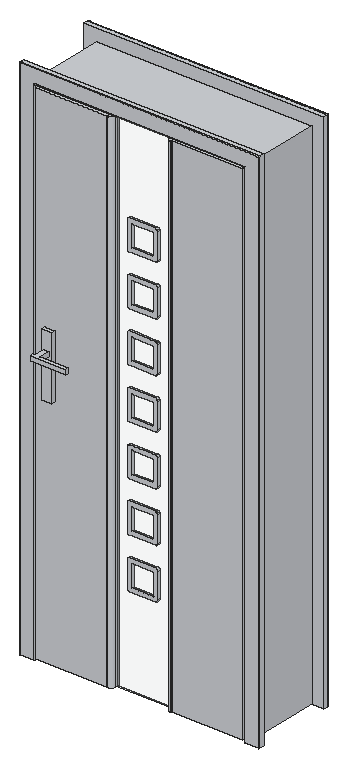
Revit family "PortaFOCUSbp_2_kwadraciki", category Drzwi, Revit 2016
Family settings
  Obiekt nadrzędny = Ściana
  Zawsze pionowo = Tak
  Tnij formami wycięć po wczytaniu = Nie
  Współdzielony = Nie
  Punkt obliczania pomieszczeń = Nie
Parameters (values of type "PN 80")
  Zakres szerokości muru [instance] = if(and(Szerokość ściany > 94 mm, Szerokość ściany < 120 mm), "B", (if(and(Szerokość ściany > 119 mm, Szerokość ściany < 140 mm), "C", (if(and(Szerokość ściany > 139 mm, Szerokość ściany < 160 mm), "D", (if(and(Szerokość ściany > 159 mm, Szerokość ściany < 180 mm), "E", (if(and(Szerokość ściany > 179 mm, Szerokość ściany < 200 mm), "F", (if(and(Szerokość ściany > 199 mm, Szerokość ściany < 220 mm), "G", (if(and(Szerokość ściany > 219 mm, Szerokość ściany < 240 mm), "H", (if(and(Szerokość ściany > 239 mm, Szerokość ściany < 260 mm), "I", (if(and(Szerokość ściany > 259 mm, Szerokość ściany < 280 mm), "J", (if(and(Szerokość ściany > 279 mm, Szerokość ściany < 301 mm), "K", "BRAK")))))))))))))))))))  # "K"
  Wysokość brutto = 2060 mm
  Szerokość ściany [instance] = 300 mm
  Szerokość brutto = 880 mm
  Model = "Porta Focus 2 kwadraciki"
  Materiał_wzór = none
  Materiał_szyba = Szkło
  Konstrukcja analityczna = "<Brak>"
  Funkcja = Wewnętrzna
  URL = "www.porta.com.pl"
  Ss = 818 mm
  Sb = 846 mm
  Producent = "PORTA KMI POLAND"
  Keynote = ""
  Opis = "Własność Porta KMI Poland, wszelkie prawa zastrzeżone."  # constant formula
  Wysokość = 2016 mm
  Zakończenie ściany = Wg obiektu nadrzędnego
  Szerokość = 800 mm
  Materiał_skrzydło [instance] = none
  Materiał_ościeżnica [instance] = none
  Materiał_klamka [instance] = none
  Hs = 2017 mm
Types (5, lengths in mm): name | Szerokość brutto | Materiał_szyba | Ss | Sb | Szerokość
  PN 70 | 780 | none | 718 | 746 | 700
  PN 60 | 680 | none | 618 | 646 | 600
  PN 80 | 880 | Szkło | 818 | 846 | 800
  PN 90 | 980 | none | 918 | 946 | 900
  PN 100 | 1080 | none | 1018 | 1046 | 1000
Reference planes
  plane 1: y = 0
  plane 2 "Środek (Lewa/Prawa)": x = 0
  plane 3 "Lewy": x = -440
  plane 4 "Prawy": x = 440
  plane 5: z = 2060
  plane 6 "Zewnętrzna": y = 150
  plane 7 "Wewnętrzna": y = -150
  plane 8 "skrzydło": y = -129
Forms (mm)
  Sweep 1, solid, material <- "Materiał_ościeżnica"
    path in 3D
      loop
        line (-440, -150, 0) -> (-440, -150, 2060) -> (440, -150, 2060) -> (440, -150, 0)
    profile origin (-440, -150, 1030) x (0, -1, 0) y (1, 0, 0)
      loop
        line (-24, 39) -> (-72, 39) -> (-72, 17) -> (0, 17) -> (0, -33) -> (16, -33)
        arc (16, -33) -> (18.121, -32.121) -> (19, -30) r 3
        line (19, -30) -> (19, 24)
        arc (19, 24) -> (18.121, 26.121) -> (16, 27) r 3
        line (16, 27) -> (-24, 27) -> (-24, 39)
  Sweep 2, solid, material <- "Materiał_ościeżnica"
    path in 3D
      loop
        line (440, 150, 0) -> (440, 150, 2060) -> (-440, 150, 2060) -> (-440, 150, 0)
    profile origin (-440, 150, 1030) x (1, 0, 0) y (0, 1, 0)
      loop
        line (-33, 0) -> (17, 0) -> (17, -228) -> (39, -228) -> (39, -1)
        arc (39, -1) -> (37.536, 2.536) -> (34, 4) r 5
        line (34, 4) -> (25, 4) -> (25, 16)
        arc (25, 16) -> (24.121, 18.121) -> (22, 19) r 3
        line (22, 19) -> (-30, 19)
        arc (-30, 19) -> (-32.121, 18.121) -> (-33, 16) r 3
        line (-33, 16) -> (-33, 0)
  Sweep 3, solid, not visible
    path in 3D
      loop
        line (-440, -150, 0) -> (-440, -150, 2060)
    profile origin (-440, -150, 1030) x (0, -1, 0) y (1, 0, 0)
      loop
        line (-151, 17) -> (-149, 17) -> (-149, 19) -> (-151, 19) -> (-151, 17)
Cuts and joins
  joined: Sweep 1, Sweep 2
Lines and regions (mm)
  Opening 1
    outline origin (-3050, -150, 0) x (1, 0, 0) y (0, 0, 1)
      loop
        line (2610, 0) -> (3490, 0) -> (3490, 2060) -> (2610, 2060) -> (2610, 0)
  sketch lines
    curve 1: line (-440, -150, 0) -> (-440, -150, 2060)
    curve 2: line (-440, -150, 2060) -> (440, -150, 2060)
    curve 3: line (440, -150, 2060) -> (440, -150, 0)
    curve 4: line (-440, 150, 2060) -> (-440, 150, 0)
    curve 5: line (440, 150, 2060) -> (-440, 150, 2060)
    curve 6: line (440, 150, 0) -> (440, 150, 2060)
    curve 12: line (-440, -150, 0) -> (-440, -150, 2060)
  symbolic lines, style "DoorsPanelProjection"
    curve 7: line (409, -150, 0) -> (409, -968, 0)
    curve 8: line (409, -968, 0) -> (369, -968, 0)
    curve 9: line (369, -968, 0) -> (369, -150, 0)
    curve 10: line (369, -150, 0) -> (409, -150, 0)
  symbolic lines, style "Ugięcie rzutu"
    curve 11: arc (-409, -150, 0) -> (-169.413, -728.413, 0) -> (409, -968, 0) r 818
Text (mm)
  text "Zewnętrzna" at (-2295.016, 1099.543, 0), in view "Poziom odniesienia"
  text "Zewnętrzna" at (0, 1615.38, 3698.081), in view "Lewy"
  text "Zewnętrzna" at (0, 1036.032, 3874.932), in view "Prawy"
Dimensions and locks
  equal spacing: plane 3 "Lewy", plane 2 "Środek (Lewa/Prawa)", plane 4 "Prawy"
  "Szerokość brutto": plane 3 "Lewy" to plane 4 "Prawy"
  "Wysokość brutto": plane 5 to host wall
  host wall to plane 5 = 2060 mm  (x2)
  locked: plane 6 "Zewnętrzna" to host wall at 0
  locked: plane 7 "Wewnętrzna" to host wall
  "Sb": Sweep 1 to Sweep 1
  locked: Sweep 1 sketch curve to Sweep 1 sketch curve at 22
  Sweep 1 sketch curve to Sweep 1 sketch curve = 50 mm
  locked: Sweep 1 sketch curve to profile plane at 72
  locked: Sweep 2 sketch curve to Sweep 2 sketch curve at 50
  locked: Sweep 2 sketch curve to Sweep 2 sketch curve at 22
  locked: Sweep 2 sketch curve to plane 6 "Zewnętrzna" at 1
  locked: curve 9 to curve 7 at 40
  "Ss": curve 8 to curve 10
  equal spacing: curve 11, plane 2 "Środek (Lewa/Prawa)", curve 7
  locked: plane 7 "Wewnętrzna" to plane 8 "skrzydło" at 21
  locked: host wall to Sweep 3 sketch curve at 1
  locked: Sweep 3 sketch curve to host wall at 1
  locked: Sweep 3 sketch curve to plane 6 "Zewnętrzna" at 151
  locked: plane 7 "Wewnętrzna" to Sweep 3 sketch curve at 151
  nested 1 to plane 2 "Środek (Lewa/Prawa)" to nested 1 = 409 mm, 409 mm
  locked: nested 1 to level at 8
  "Szerokość ściany": host wall to host wall
  aligned and locked: plane 3 "Lewy" to Opening 1 sketch curve
  aligned and locked: plane 5 to Opening 1 sketch curve  (x2)
  aligned and locked: Opening 1 sketch curve to plane 4 "Prawy"
  aligned and locked: Opening 1 sketch curve to level
  aligned and locked: plane 1 to host wall
  aligned and locked: Sweep 1 to Sweep 2 sketch curve
  aligned and locked: plane 7 "Wewnętrzna" to curve 10
  aligned and locked: Sweep 3 sketch curve to cut or joined group of Sweep 1, Sweep 2
  aligned and locked: Sweep 2 sketch curve to cut or joined group of Sweep 1, Sweep 2
  aligned and locked: nested 1 to plane 8 "skrzydło"
  aligned and locked: plane 2 "Środek (Lewa/Prawa)" to nested 1
Automatic sketch dimensions
  profile plane to Sweep 1 sketch curve = 24 mm
  Sweep 1 sketch curve to profile plane = 16 mm  (x2)
  Sweep 1 sketch curve to Sweep 1 sketch curve = 3 mm
  profile plane to Sweep 1 sketch curve = 17 mm
  Sweep 1 sketch curve to Sweep 1 sketch curve = 7 mm
  Sweep 1 sketch curve to profile plane = 0 mm
  Sweep 2 sketch curve to profile plane = 0 mm
  Sweep 2 sketch curve to profile plane = 16 mm
  Sweep 2 sketch curve to Sweep 2 sketch curve = 3 mm
  Sweep 2 sketch curve to Sweep 2 sketch curve = 5 mm
  Sweep 2 sketch curve to profile plane = 4 mm
  Sweep 2 sketch curve to Sweep 2 sketch curve = 8 mm
  curve 11 to host wall = 0 mm
  Sweep 3 sketch curve to Sweep 3 sketch curve = 2 mm
Nested families
  nested 1: "skrzydło" at (0, -135.5, 0), type "skrzydło"
Definition of nested family "skrzydło"
  Parameters
    Ss = 818 mm
    Materiał_skrzydło = none
    Materiał_klamka = none
    Materiał wzór = none
    Materiał szyba = none
    Hs = 2017 mm
  Reference planes
    plane 1 "Tył": y = 6.5
    plane 2: z = 0
    plane 3 "Środek (Lewa/Prawa)": x = 0
    plane 4 "Przód": y = -33.5
    plane 5: z = 2025
    plane 6 "Centrum": y = -13.5
    plane 7: z = 8
    plane 8: x = -409
    plane 9: x = 409
    plane 10: x = -105
    plane 11: x = 105
  Forms (mm)
    Extrusion 1, solid, material <- "Materiał_skrzydło"
      sketch origin (-1191.728, -1524, 8) x (-1, 0, 0) y (0, -1, 0)
        loop
          arc (-1063.297, -1490.5) -> (-1063.663, -1489.616) -> (-1064.547, -1489.25) r 1.25
          line (-1064.547, -1489.25) -> (-1066.918, -1489.25)
          arc (-1066.918, -1489.25) -> (-1080.051, -1494.167) -> (-1086.728, -1506.5) r 20
          line (-1086.728, -1506.5) -> (-1086.728, -1514.5)
          arc (-1086.728, -1514.5) -> (-1080.051, -1526.833) -> (-1066.918, -1531.75) r 20
          line (-1066.918, -1531.75) -> (-1064.547, -1531.75)
          arc (-1064.547, -1531.75) -> (-1063.663, -1531.384) -> (-1063.297, -1530.5) r 1.25
          line (-1063.297, -1530.5) -> (-782.728, -1530.5) -> (-782.728, -1490.5) -> (-1063.297, -1490.5)
        loop
          line (-1600.728, -1530.5) -> (-1320.158, -1530.5)
          arc (-1320.158, -1530.5) -> (-1319.792, -1531.384) -> (-1318.908, -1531.75) r 1.25
          line (-1318.908, -1531.75) -> (-1316.538, -1531.75)
          arc (-1316.538, -1531.75) -> (-1303.404, -1526.833) -> (-1296.728, -1514.5) r 20
          line (-1296.728, -1514.5) -> (-1296.728, -1506.5)
          arc (-1296.728, -1506.5) -> (-1303.404, -1494.167) -> (-1316.538, -1489.25) r 20
          line (-1316.538, -1489.25) -> (-1318.908, -1489.25)
          arc (-1318.908, -1489.25) -> (-1319.792, -1489.616) -> (-1320.158, -1490.5) r 1.25
          line (-1320.158, -1490.5) -> (-1600.728, -1490.5) -> (-1600.728, -1530.5)
      from 0 to 2017
    Extrusion 2, solid, material <- "Materiał wzór"
      sketch origin (-892.016, -13.5, 1200) x (-1, 0, 0) y (0, 0, 1)
        loop
          line (-952.016, 473.75) -> (-952.016, 372.25)
          arc (-952.016, 372.25) -> (-949.307, 365.709) -> (-942.766, 363) r 9.25
          line (-942.766, 363) -> (-841.266, 363)
          arc (-841.266, 363) -> (-834.726, 365.709) -> (-832.016, 372.25) r 9.25
          line (-832.016, 372.25) -> (-832.016, 473.75)
          arc (-832.016, 473.75) -> (-834.726, 480.291) -> (-841.266, 483) r 9.25
          line (-841.266, 483) -> (-942.766, 483)
          arc (-942.766, 483) -> (-949.307, 480.291) -> (-952.016, 473.75) r 9.25
        loop
          line (-952.016, 273.75) -> (-952.016, 172.25)
          arc (-952.016, 172.25) -> (-949.307, 165.709) -> (-942.766, 163) r 9.25
          line (-942.766, 163) -> (-841.266, 163)
          arc (-841.266, 163) -> (-834.726, 165.709) -> (-832.016, 172.25) r 9.25
          line (-832.016, 172.25) -> (-832.016, 273.75)
          arc (-832.016, 273.75) -> (-834.726, 280.291) -> (-841.266, 283) r 9.25
          line (-841.266, 283) -> (-942.766, 283)
          arc (-942.766, 283) -> (-949.307, 280.291) -> (-952.016, 273.75) r 9.25
        loop
          line (-952.016, 73.75) -> (-952.016, -27.75)
          arc (-952.016, -27.75) -> (-949.307, -34.291) -> (-942.766, -37) r 9.25
          line (-942.766, -37) -> (-841.266, -37)
          arc (-841.266, -37) -> (-834.726, -34.291) -> (-832.016, -27.75) r 9.25
          line (-832.016, -27.75) -> (-832.016, 73.75)
          arc (-832.016, 73.75) -> (-834.726, 80.291) -> (-841.266, 83) r 9.25
          line (-841.266, 83) -> (-942.766, 83)
          arc (-942.766, 83) -> (-949.307, 80.291) -> (-952.016, 73.75) r 9.25
        loop
          line (-942.766, -237) -> (-841.266, -237)
          arc (-841.266, -237) -> (-834.726, -234.291) -> (-832.016, -227.75) r 9.25
          line (-832.016, -227.75) -> (-832.016, -126.25)
          arc (-832.016, -126.25) -> (-834.726, -119.709) -> (-841.266, -117) r 9.25
          line (-841.266, -117) -> (-942.766, -117)
          arc (-942.766, -117) -> (-949.307, -119.709) -> (-952.016, -126.25) r 9.25
          line (-952.016, -126.25) -> (-952.016, -227.75)
          arc (-952.016, -227.75) -> (-949.307, -234.291) -> (-942.766, -237) r 9.25
        loop
          line (-952.016, -326.25) -> (-952.016, -427.75)
          arc (-952.016, -427.75) -> (-949.307, -434.291) -> (-942.766, -437) r 9.25
          line (-942.766, -437) -> (-841.266, -437)
          arc (-841.266, -437) -> (-834.726, -434.291) -> (-832.016, -427.75) r 9.25
          line (-832.016, -427.75) -> (-832.016, -326.25)
          arc (-832.016, -326.25) -> (-834.726, -319.709) -> (-841.266, -317) r 9.25
          line (-841.266, -317) -> (-942.766, -317)
          arc (-942.766, -317) -> (-949.307, -319.709) -> (-952.016, -326.25) r 9.25
        loop
          line (-952.016, -526.25) -> (-952.016, -627.75)
          arc (-952.016, -627.75) -> (-949.307, -634.291) -> (-942.766, -637) r 9.25
          line (-942.766, -637) -> (-841.266, -637)
          arc (-841.266, -637) -> (-834.726, -634.291) -> (-832.016, -627.75) r 9.25
          line (-832.016, -627.75) -> (-832.016, -526.25)
          arc (-832.016, -526.25) -> (-834.726, -519.709) -> (-841.266, -517) r 9.25
          line (-841.266, -517) -> (-942.766, -517)
          arc (-942.766, -517) -> (-949.307, -519.709) -> (-952.016, -526.25) r 9.25
        loop
          line (-952.016, -726.25) -> (-952.016, -827.75)
          arc (-952.016, -827.75) -> (-949.307, -834.291) -> (-942.766, -837) r 9.25
          line (-942.766, -837) -> (-841.266, -837)
          arc (-841.266, -837) -> (-834.726, -834.291) -> (-832.016, -827.75) r 9.25
          line (-832.016, -827.75) -> (-832.016, -726.25)
          arc (-832.016, -726.25) -> (-834.726, -719.709) -> (-841.266, -717) r 9.25
          line (-841.266, -717) -> (-942.766, -717)
          arc (-942.766, -717) -> (-949.307, -719.709) -> (-952.016, -726.25) r 9.25
        loop
          line (-935.416, 179.6) -> (-848.616, 179.6) -> (-848.616, 266.4) -> (-935.416, 266.4) -> (-935.416, 179.6)
        loop
          line (-935.416, 379.6) -> (-848.616, 379.6) -> (-848.616, 466.4) -> (-935.416, 466.4) -> (-935.416, 379.6)
        loop
          line (-935.416, -220.4) -> (-848.616, -220.4) -> (-848.616, -133.6) -> (-935.416, -133.6) -> (-935.416, -220.4)
        loop
          line (-935.416, -20.4) -> (-848.616, -20.4) -> (-848.616, 66.4) -> (-935.416, 66.4) -> (-935.416, -20.4)
        loop
          line (-935.416, -420.4) -> (-848.616, -420.4) -> (-848.616, -333.6) -> (-935.416, -333.6) -> (-935.416, -420.4)
        loop
          line (-935.416, -620.4) -> (-848.616, -620.4) -> (-848.616, -533.6) -> (-935.416, -533.6) -> (-935.416, -620.4)
        loop
          line (-935.416, -820.4) -> (-848.616, -820.4) -> (-848.616, -733.6) -> (-935.416, -733.6) -> (-935.416, -820.4)
      from -4 to 4
    Extrusion 3, solid, material <- "Materiał szyba"
      sketch origin (-892.016, -13.5, 1200) x (-1, 0, 0) y (0, 0, 1)
        loop
          line (-787.016, 825) -> (-997.016, 825) -> (-997.016, -1192) -> (-787.016, -1192) -> (-787.016, 825)
      from -4 to 4
  Dimensions and locks
    locked: plane 7 to level at 8
    "Hs": plane 5 to plane 7
    locked: nested 1 to plane 7 at 934
    locked: plane 7 to nested 2 at 934
    equal spacing: plane 4 "Przód", plane 6 "Centrum", plane 1 "Tył"
    equal spacing: plane 8, plane 3 "Środek (Lewa/Prawa)", plane 9
    "Ss": plane 8 to plane 9
    locked: plane 8 to nested 1 at 55
    locked: plane 8 to nested 2 at 55
    equal spacing: plane 10, plane 3 "Środek (Lewa/Prawa)", plane 11
    locked: plane 10 to plane 11 at 210
    aligned and locked: nested 1 to plane 4 "Przód"
    aligned and locked: plane 5 to Extrusion 1
    aligned and locked: nested 2 to nested 1
    aligned and locked: Extrusion 1 sketch curve to plane 8
    aligned and locked: Extrusion 1 sketch curve to plane 9
    aligned and locked: plane 10 to Extrusion 1 sketch curve
    aligned and locked: Extrusion 1 sketch curve to plane 1 "Tył"
    aligned and locked: Extrusion 1 sketch curve to plane 4 "Przód"
    aligned and locked: Extrusion 1 sketch curve to plane 11
    aligned and locked: plane 10 to Extrusion 3 sketch curve
    aligned and locked: Extrusion 3 sketch curve to plane 11
    aligned and locked: plane 5 to Extrusion 3 sketch curve
    aligned and locked: plane 7 to Extrusion 3 sketch curve
  Automatic sketch dimensions
    Extrusion 1 sketch curve to plane 11 = 23.431 mm
    Extrusion 1 sketch curve to plane 1 "Tył" = 1.25 mm  (x2)
    Extrusion 1 sketch curve to Extrusion 1 sketch curve = 1.25 mm
    Extrusion 1 sketch curve to Extrusion 1 sketch curve = 2.371 mm  (x4)
    Extrusion 1 sketch curve to plane 6 "Centrum" = 1.25 mm
    Extrusion 1 sketch curve to plane 10 = 19.81 mm  (x2)
    Extrusion 1 sketch curve to plane 4 "Przód" = 1.25 mm
    plane 6 "Centrum" to Extrusion 1 sketch curve = 4 mm  (x2)
    Extrusion 1 sketch curve to Extrusion 1 sketch curve = 2.5 mm
    plane 1 "Tył" to Extrusion 1 sketch curve = 0 mm
    Extrusion 1 sketch curve to plane 4 "Przód" = 0 mm
    Extrusion 1 sketch curve to Extrusion 1 sketch curve = 3.621 mm
    Extrusion 2 sketch curve to plane 5 = 351.25 mm
    Extrusion 2 sketch curve to plane 9 = 349 mm
    Extrusion 2 sketch curve to plane 5 = 652.75 mm
    Extrusion 2 sketch curve to Extrusion 2 sketch curve = 0 mm  (x6)
    Extrusion 2 sketch curve to Extrusion 2 sketch curve = 9.25 mm  (x21)
    Extrusion 2 sketch curve to Extrusion 2 sketch curve = 7.35 mm  (x35)
    Extrusion 2 sketch curve to Extrusion 2 sketch curve = 86.8 mm  (x12)
    Extrusion 2 sketch curve to Extrusion 2 sketch curve = 80 mm  (x5)
    Extrusion 2 sketch curve to plane 5 = 558.6 mm
    Extrusion 2 sketch curve to plane 5 = 462 mm
  Nested families
    nested 1: "KLAMKA" at (-354, -33.5, 1067), Materiał klamki <- "Materiał_klamka", type "KLAMKA"
      with Materiał klamki none
    nested 2: "KLAMKA" at (-354, 6.5, 1067), Materiał klamki <- "Materiał_klamka", type "KLAMKA"
      with Materiał klamki none
  Definition of nested family "KLAMKA"
    Parameters
      Materiał klamki [instance] = none
      Assembly Code = ""
      Default Elevation = 1219.2 mm
    Reference planes
      plane 1 "Center (Front/Back)": y = 0
      plane 2: z = 0
      plane 3 "Center (Left/Right)": x = 0
      plane 4: z = 125
      plane 5: z = -125
      plane 6: x = 20
      plane 7: x = -20
      plane 8: y = -70
      plane 9: y = -60
      plane 10: x = 10
      plane 11: x = -10
      plane 12: x = 120
      plane 13: z = 35
      plane 14: z = 55
      plane 15: y = -15
    Forms (mm)
      Extrusion 1, solid, material <- "Materiał klamki"
        sketch origin (0, 0, 0) x (1, 0, 0) y (0, 0, 1)
          loop
            line (-20, 125) -> (-20, -125) -> (20, -125) -> (20, 125) -> (-20, 125)
        from 0 to 15
      Extrusion 2, solid, material <- "Materiał klamki"
        sketch origin (0, 0, 0) x (1, 0, 0) y (0, 1, 0)
          loop
            line (-10, -15) -> (-10, -60) -> (-20, -60) -> (-20, -70) -> (120, -70) -> (120, -60) -> (10, -60) -> (10, -15) -> (-10, -15)
        from 35 to 55
    Dimensions and locks
      equal spacing: plane 4, plane 2, plane 5
      plane 4 to plane 5 = 250 mm
      equal spacing: plane 7, plane 3 "Center (Left/Right)", plane 6
      plane 7 to plane 6 = 40 mm
      plane 8 to plane 1 "Center (Front/Back)" = 70 mm
      plane 11 to plane 3 "Center (Left/Right)" to plane 10 = 10 mm locked, 10 mm locked
      plane 7 to plane 12 = 140 mm
      plane 15 to plane 1 "Center (Front/Back)" = 15 mm
      aligned and locked: plane 7 to Extrusion 1 sketch curve
      aligned and locked: Extrusion 1 sketch curve to plane 4
      aligned and locked: plane 5 to Extrusion 1 sketch curve
      aligned and locked: Extrusion 1 sketch curve to plane 6
      aligned and locked: plane 15 to Extrusion 1
      aligned and locked: Extrusion 1 to plane 1 "Center (Front/Back)"
      aligned and locked: plane 14 to Extrusion 2
      aligned and locked: Extrusion 2 to plane 13
    Automatic sketch dimensions
      Extrusion 2 sketch curve to plane 7 = 0 mm
      Extrusion 2 sketch curve to plane 9 = 0 mm  (x2)
      Extrusion 2 sketch curve to plane 11 = 0 mm
      Extrusion 2 sketch curve to plane 10 = 0 mm
      Extrusion 2 sketch curve to plane 12 = 0 mm
      Extrusion 2 sketch curve to plane 8 = 0 mm
      Extrusion 2 sketch curve to plane 15 = 0 mm
